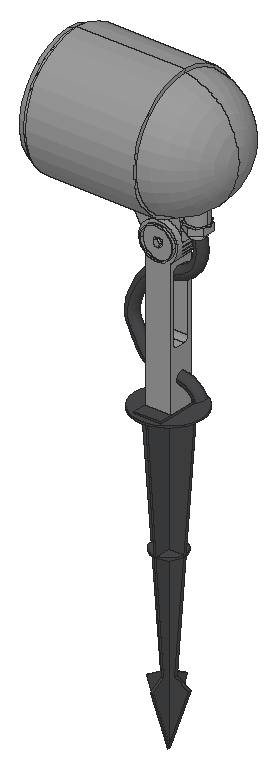
Revit family "LED LANDSCAPE 05_LKG0536WW.20", category Luminarias, Revit 2019
Family settings
  Cota de conector redondo = Diámetro de uso
  Tipo de pieza = Normal
  Se basa en plano de trabajo = Sí
  Siempre vertical = No
  Corte con vacíos al cargar = No
  Origen de luz = Sí
  Compartido = No
  Punto de cálculo de habitación = No
Parameters (values of type "LED LANDSCAPE 05_LKG0536WW.20")
  Ángulo de inclinación = 60.00°
  Ángulo de enfoque = 20.00°
  Ángulo de campo de foco = 20.00°
  Zone [instance] = ""
  Watt per fixture = 9.5
  Wattage = 9.5 W
  built-in parameter 1150107 = 3000 (stored number, unit not read)
  built-in parameter 1150110 = 1 (stored number, unit not read)
  built-in parameter 1150109 = 1 (stored number, unit not read)
  built-in parameter 1150112 = 1 (stored number, unit not read)
  built-in parameter 1150113 = 1 (stored number, unit not read)
  built-in parameter 1114218 = 1 (stored number, unit not read)
  Keynote = ""
  built-in parameter 1150137 = (empty or 0)
  built-in parameter 1150132 = (empty or 0)
  Modelo = "LKG0536WW.20"
  Lámpara = "OSRAM"
  Longitud de símbolo de origen de luz = 500 mm
  Longitud [instance] = 1000 mm
  built-in parameter 1150105 = 7919.3 (stored number, unit not read)
  built-in parameter 1150102 = (empty or 0)
  built-in parameter 1150106 = 79.193 (stored number, unit not read)
  Lumens = 545.775 lm
  Color Filter = 16777215
  built-in parameter 1114217 = 1 (stored number, unit not read)
  built-in parameter 1150139 = (empty or 0)
  Fabricante = "BRILLANT"
  Default Elevation = 0 mm
  built-in parameter 1150104 = 5.3373 (stored number, unit not read)
  Descripción = "LUMINARIA DE JARDIN CON ESTACA, CUERPO DE ALUMINIO FUNDIDO A PRESION CUBIERTO CON POLVO GRIS OSCURO Y VIDRIO TEMPLADO DE 4MM CON UN PESO DE 1.8KG, USO PARA INTERIORES Y EXTERIORES IP 66, IK 05, 5 LED TIPO OSRAM CON UNA POTENCIA DE 9.5W, IRC 80, 586 LUMENES, TEMPERATURA EN BLANCO CALIDO 3000K, EFICIENCIA DE 57.45 LM/W, APERTURA DE 20 GRADOS POR PROYECTO, DIMMEABLE OPCIONAL EN TRIAC, CABLE DE 2.0M H05RN-F, CORRIENTE DE OPERACIÓN 80mA, ALIMENTADO A 100-277V."
  built-in parameter 1150115 = 1 (stored number, unit not read)
  built-in parameter 1150114 = 1 (stored number, unit not read)
  Comentarios de vataje = "100-277V"
  built-in parameter 1150138 = (empty or 0)
  built-in parameter 1150134 = (empty or 0)
  Circuit [instance] = ""
  Dimming Lamp Color Temperature Shift = (empty or 0)
  built-in parameter 1150133 = 10 (stored number, unit not read)
Reference planes
  plane 1 "Centro (Frontal/Posterior)": y = 0
  plane 2: z = 0
  plane 3 "Centro (Izquierda/Derecha)": x = 0
  plane 4: z = -240
  plane 5: z = 240
Forms (mm)
  Extrusion 1, solid, material "Plastico"
    sketch origin (0, 0.339, 0) x (1, 0, 0) y (0, 0, -1)
      loop
        line (21, 1.177) -> (5.711, 188.038) -> (16.715, 194.391) -> (0, 240) -> (-16.715, 194.391) -> (-5.711, 188.038) -> (-21, 1.177) -> (21, 1.177)
    from -1.116 to 0.438
  Extrusion 2, solid, material "Plastico"
    sketch origin (0, 0, 0) x (1, 0, 0) y (0, 1, 0)
      loop
        circle (0, 0) r 26.151
    from -1.177 to 0
  Extrusion 3, solid, material "Plastico"
    sketch origin (-0.339, 0, 0) x (0, 1, 0) y (0, 0, -1)
      loop
        line (21, 1.177) -> (5.711, 188.038) -> (16.715, 194.391) -> (0, 240) -> (-16.715, 194.391) -> (-5.711, 188.038) -> (-21, 1.177) -> (21, 1.177)
    from -1.116 to 0.438
  Extrusion 4, solid, material "Plastico"
    sketch origin (0, 0, 0) x (1, 0, 0) y (0, 1, 0)
      loop
        line (-10.42, 21) -> (-10.42, -21) -> (10.704, -21) -> (10.704, 21) -> (-10.42, 21)
    from 0 to 1.1
  Revolve 5, solid, material "Aluminio"
    sketch origin (26.495, 0, 189.625) x (0, 0, 1) y (-1, 0, 0)
      loop
        line (41.179, 105) -> (41.179, 89.473) -> (0, 89.473) -> (0, 13.75) -> (50.375, 13.75) -> (50.375, 98.06) -> (48.766, 98.06) -> (48.766, 100.696) -> (47.199, 105) -> (41.179, 105)
      axis (0, 13.75) -> (0, 105)
    angle from 0 to 360
  Extrusion 6, solid, material "Cristal"
    sketch origin (24.915, 0, 231.553) x (0, 0, -1) y (0, -1, 0)
      loop
        circle (41.928, 0) r 41.179
    from 100.969 to 102.391
  Extrusion 7, solid, material "Aluminio"
    sketch origin (0, 12.96, 0) x (1, 0, 0) y (0, 0, -1)
      loop
        arc (-9.529, -106.898) -> (0, -133.96) -> (9.529, -106.898) r 15.208
        line (9.529, -106.898) -> (9.529, 0.046) -> (-9.529, 0.046) -> (-9.529, -106.898)
      loop
        circle (0, -118.751) r 3.742
    from -22.82 to -2.96
  Extrusion 8, solid, material "Plastico"
    sketch origin (0, 0, 0) x (1, 0, 0) y (0, 1, 0)
      loop
        circle (0, 0) r 12.9
    from -101.453 to -99.897
  Extrusion 9, solid, material "Aluminio"
    sketch origin (-34.084, 0, 0) x (1, 0, 0) y (0, 1, 0)
      loop
        circle (34.084, 0) r 2.773
      loop
        line (32.325, -1.016) -> (34.084, -2.031) -> (35.843, -1.016) -> (35.843, 1.016) -> (34.084, 2.031) -> (32.325, 1.016) -> (32.325, -1.016)
    from 1.1 to 2.206
  Sweep 10, solid, material "Plastico"
    path origin (-0.312, 0, 2.969) x (1, 0, 0) y (0, 0, 1)
      loop
        spline (20.345, 140.016) -> (25.143, 109.598) -> (16.531, 96.691) -> (4.285, 91.642) -> (-7.043, 89.048) -> (-17.102, 81.906) -> (-25.394, 66.88) -> (-28.171, 52.849) -> (-24.96, 43.683) -> (-20.165, 33.842) -> (-11.722, 24.382) -> (7.059, 21.117) -> (25.195, 9.566)
    profile origin (-25.706, 0, 69.849) x (0.934331, 0, -0.356407) y (0, -1, 0)
      loop
        circle (0, 0) r 4.5
  Revolve 11, solid, material "Aluminio"
    sketch origin (-25, 0, 123.619) x (1, 0, 0) y (0, 0, 1)
      loop
        line (37.745, 114.253) -> (37.745, 66.006) -> (80.495, 66.006)
        arc (80.495, 66.006) -> (68.27, 98.237) -> (37.745, 114.253) r 48.6
      axis (37.745, 66.006) -> (80.495, 66.006)
    angle from 0 to 360
  Extrusion 12, void
    sketch origin (-13.819, 0, 19.982) x (0, 0, 1) y (0, -1, 0)
      loop
        arc (82.47, 3.827) -> (81.345, 6.544) -> (78.628, 7.669) r 3.842
        line (78.628, 7.669) -> (29.512, 7.669)
        arc (29.512, 7.669) -> (26.796, 6.544) -> (25.67, 3.827) r 3.842
        line (25.67, 3.827) -> (25.67, -3.489)
        arc (25.67, -3.489) -> (26.796, -6.206) -> (29.512, -7.331) r 3.842
        line (29.512, -7.331) -> (78.628, -7.331)
        arc (78.628, -7.331) -> (81.345, -6.206) -> (82.47, -3.489) r 3.842
        line (82.47, -3.489) -> (82.47, 3.827)
    from 0 to 28.819
  Extrusion 13, solid, material "Aluminio"
    sketch origin (0.302, -12.138, 74.304) x (1, 0, 0) y (0, 0, -1)
      loop
        circle (-0.302, -44.493) r 12.951
      loop
        circle (-0.302, -44.493) r 2.303
      loop
        circle (-0.302, -44.493) r 12.186
    from 22.39 to 23.912
  Extrusion 14, solid, material "Aluminio"
    sketch origin (0, 0, 0) x (1, 0, 0) y (0, 0, 1)
      loop
        arc (-15.208, 118.751) -> (0, 103.543) -> (15.208, 118.751) r 15.208
        line (15.208, 118.751) -> (12.745, 139.25) -> (-27.043, 139.25) -> (-15.208, 118.751)
    from -5.02 to 5.066
  Extrusion 15, solid, material "Aluminio"
    sketch origin (-19.223, 0, 0) x (1, 0, 0) y (0, 1, 0)
      loop
        circle (42.258, 0) r 8
    from 137.682 to 151.822
  Extrusion 16, solid, material "Aluminio"
    sketch origin (0, 0, 0) x (1, 0, 0) y (0, 1, 0)
      loop
        line (18.05, 8.634) -> (13.065, 0) -> (18.05, -8.634) -> (28.019, -8.634) -> (33.004, 0) -> (28.019, 8.634) -> (18.05, 8.634)
    from 136.733 to 137.682
  Extrusion 17, solid, material "Aluminio"
    sketch origin (0, 0, 0) x (1, 0, 0) y (0, 1, 0)
      loop
        line (23.035, 9.754) -> (14.588, 4.877) -> (14.588, -4.877) -> (23.035, -9.754) -> (31.482, -4.877) -> (31.482, 4.877) -> (23.035, 9.754)
    from 131.394 to 136.733
  Revolve 18, solid
    sketch origin (0, 0, 0) x (1, 0, 0) y (0, 0, 1)
      loop
        arc (23.035, 124.385) -> (27.991, 126.438) -> (30.043, 131.394) r 7.009
        line (30.043, 131.394) -> (23.035, 131.394) -> (23.035, 124.385)
      axis (23.035, 131.394) -> (23.035, 124.385)
    angle from 0 to 360
  Revolve 19, solid
    sketch origin (9.15, 0.32, 84.63) x (0, 0, 1) y (1, 0, 0)
      loop
        spline (105.714, -77.128) -> (106.844, -77.085) -> (107.955, -76.958) -> (109.027, -76.748) -> (110.043, -76.458) -> (110.984, -76.095) -> (111.835, -75.664) -> (112.582, -75.172) -> (113.211, -74.628) -> (113.712, -74.042) -> (114.076, -73.422) -> (114.297, -72.781) -> (114.371, -72.128)
        line (114.371, -72.128) -> (105.714, -72.128) -> (105.714, -77.128)
      axis (105.714, -72.128) -> (105.714, -77.128)
    angle from 0 to 360
  Revolve 20, solid
    sketch origin (9.15, 0.32, 112.13) x (0, 0, 1) y (1, 0, 0)
      loop
        spline (105.714, -77.128) -> (106.844, -77.085) -> (107.955, -76.958) -> (109.027, -76.748) -> (110.043, -76.458) -> (110.984, -76.095) -> (111.835, -75.664) -> (112.582, -75.172) -> (113.211, -74.628) -> (113.712, -74.042) -> (114.076, -73.422) -> (114.297, -72.781) -> (114.371, -72.128)
        line (114.371, -72.128) -> (105.714, -72.128) -> (105.714, -77.128)
      axis (105.714, -72.128) -> (105.714, -77.128)
    angle from 0 to 360
  Revolve 21, solid
    sketch origin (9.15, -16.019, 59.47) x (0, 0, 1) y (1, 0, 0)
      loop
        spline (105.714, -77.128) -> (106.844, -77.085) -> (107.955, -76.958) -> (109.027, -76.748) -> (110.043, -76.458) -> (110.984, -76.095) -> (111.835, -75.664) -> (112.582, -75.172) -> (113.211, -74.628) -> (113.712, -74.042) -> (114.076, -73.422) -> (114.297, -72.781) -> (114.371, -72.128)
        line (114.371, -72.128) -> (105.714, -72.128) -> (105.714, -77.128)
      axis (105.714, -72.128) -> (105.714, -77.128)
    angle from 0 to 360
  Revolve 22, solid
    sketch origin (9.15, 16.019, 59.47) x (0, 0, 1) y (-1, 0, 0)
      loop
        line (105.714, 77.128) -> (105.714, 72.128) -> (114.371, 72.128)
        spline (114.371, 72.128) -> (114.297, 72.781) -> (114.076, 73.422) -> (113.712, 74.042) -> (113.211, 74.628) -> (112.582, 75.172) -> (111.835, 75.664) -> (110.984, 76.095) -> (110.043, 76.458) -> (109.027, 76.748) -> (107.955, 76.958) -> (106.844, 77.085) -> (105.714, 77.128)
      axis (105.714, 72.128) -> (105.714, 77.128)
    angle from 0 to 360
  Revolve 23, solid
    sketch origin (9.15, -25.866, 93.542) x (0, 0, 1) y (1, 0, 0)
      loop
        spline (105.714, -77.128) -> (106.844, -77.085) -> (107.955, -76.958) -> (109.027, -76.748) -> (110.043, -76.458) -> (110.984, -76.095) -> (111.835, -75.664) -> (112.582, -75.172) -> (113.211, -74.628) -> (113.712, -74.042) -> (114.076, -73.422) -> (114.297, -72.781) -> (114.371, -72.128)
        line (114.371, -72.128) -> (105.714, -72.128) -> (105.714, -77.128)
      axis (105.714, -72.128) -> (105.714, -77.128)
    angle from 0 to 360
  Revolve 24, solid
    sketch origin (9.15, 25.866, 93.542) x (0, 0, 1) y (-1, 0, 0)
      loop
        line (105.714, 77.128) -> (105.714, 72.128) -> (114.371, 72.128)
        spline (114.371, 72.128) -> (114.297, 72.781) -> (114.076, 73.422) -> (113.712, 74.042) -> (113.211, 74.628) -> (112.582, 75.172) -> (111.835, 75.664) -> (110.984, 76.095) -> (110.043, 76.458) -> (109.027, 76.748) -> (107.955, 76.958) -> (106.844, 77.085) -> (105.714, 77.128)
      axis (105.714, 72.128) -> (105.714, 77.128)
    angle from 0 to 360
  Extrusion 25, void
    sketch origin (-137.556, -15.918, -43.214) x (0, 0, 1) y (0, -1, 0)
      loop
        circle (265.623, -45.641) r 1.924
      loop
        circle (265.623, 13.804) r 1.924
      loop
        circle (200.243, -45.641) r 1.924
      loop
        circle (200.243, 13.804) r 1.924
    from 56.713 to 66.501
  Extrusion 26, solid, material "Aluminio"
    sketch origin (0.302, 12.138, 74.304) x (1, 0, 0) y (0, 0, 1)
      loop
        circle (-0.302, 44.493) r 12.951
      loop
        circle (-0.302, 44.493) r 2.303
      loop
        circle (-0.302, 44.493) r 12.186
    from 22.39 to 23.912
Cuts and joins
  Extrusion 12 cuts Extrusion 7
  Extrusion 25 cuts Revolve 5
Dimensions and locks
  plane 2 to plane 4 = 240 mm
  Revolve 5 sketch curve to Revolve 5 sketch curve = 50.375 mm
  plane 5 to level = 240 mm
  plane 5 to plane 4 = 480 mm
  aligned and locked: level to plane 2
  aligned and locked: Extrusion 2 to Extrusion 1 sketch curve
Connectors
  electrical at (24.882, 0, 12.535)
    settings: on Sweep 10, index 1, voltage 277 V, apparent load 0 VA, apparent load phase1 0 VA, apparent load phase2 0 VA, apparent load phase3 0 VA, power factor 1, load classification "Otro", number of poles 1, system type 31, power factor state 1, is connector primary yes, connector utility no, sub classification motor no, connector description ""
